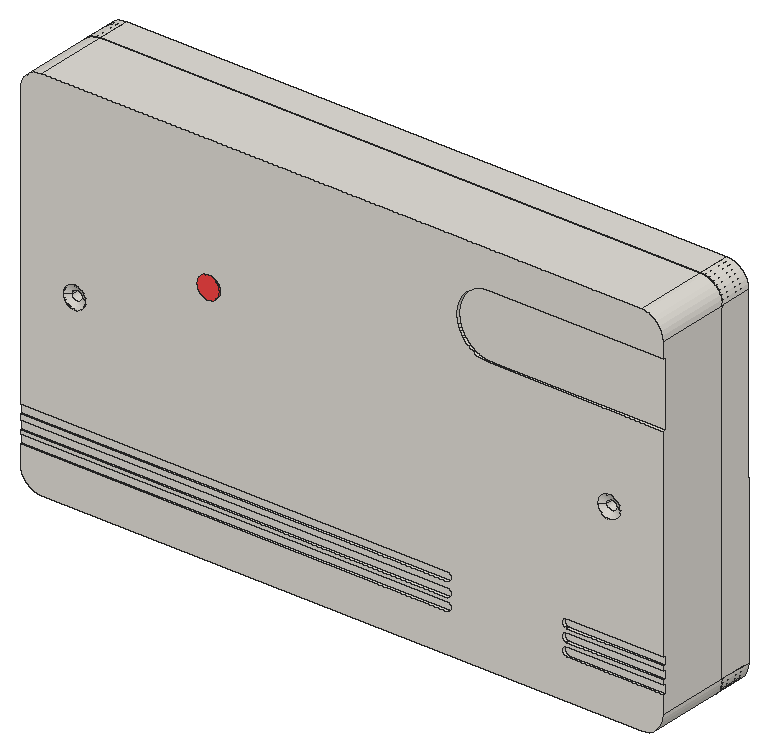
Revit family "TYCO-FPP-Zettler-TSM800 Door control module", category Electrical Fixtures, Revit 2014
Parameters (values of type "TYCO-FPP-Zettler-TSM800 Door control module")
  Width = 80 mm  # constant formula
  URL = "http://www.zettlerfire.com/Products/Fire/zettlerancillaries/ZettlerTSM800.asp"
  Type Comments = "The TSM800 is used to control fire doors in accordance\r\nwith BS7273 Part 4."
  STT = STT
  ST1 = ST1
  Rear Cover = yes
  PCB = PCB
  Model = "Zettler-555.800.069"
  Manufacturer = "Tyco"
  Loop Voltage = "24 V"
  Length = 60 mm  # constant formula
  Keynote = "It has a monitored analogue input and a relay contact (change-over switch) as a non-monitored output."
  Front Cover = yes
  Description = "TSM800 Door Control Module PCB"
  Approvals = "VdS EN 54-17 & EN 54-18 standards"
Reference planes
  plane 1 "Center (Front/Back)": y = 0
  plane 2: z = 0
  plane 3 "Center (Left/Right)": x = 0
  plane 4: x = -40
  plane 5: x = 40
  plane 6: z = 30
  plane 7: z = -30
Forms (mm)
  Extrusion 1, solid, material "PCB" <- "PCB", detail levels fine
    sketch origin (0, 0, 0) x (1, 0, 0) y (0, 0, 1)
      loop
        line (-40, 30) -> (-40, -30) -> (40, -30) -> (40, 30) -> (-40, 30)
      loop
        circle (-27.829, 16.145) r 2.797
      loop
        circle (27.829, 16.145) r 2.797
      loop
        circle (-27.829, -16.145) r 2.797
      loop
        circle (27.829, -16.145) r 2.797
      loop
        circle (36.531, 26.52) r 1.142
      loop
        circle (36.531, -26.52) r 1.142
      loop
        circle (-36.531, 16.52) r 1.142
      loop
        circle (-36.531, -26.52) r 1.142
    from 0 to -0.18
  Extrusion 2, solid, material "STT" <- "STT", detail levels fine
    sketch origin (-40, 45.493, 1219.2) x (0, 1, 0) y (0, 0, 1)
      loop
        line (-45.493, -1189.2) -> (-47.584, -1189.2) -> (-49.635, -1191.251) -> (-49.635, -1194.928) -> (-47.429, -1197.134) -> (-45.493, -1197.134) -> (-45.493, -1189.2)
    from 12.234 to 70.444
  Extrusion 3, solid, material "ST1" <- "ST1", detail levels fine
    sketch origin (-40, -1.532, 30) x (0, 1, 0) y (-1, 0, 0)
      loop
        line (1.532, -12.582) -> (-0.216, -12.582) -> (-0.216, -15.597) -> (1.532, -15.597) -> (1.532, -12.582)
      loop
        line (1.532, -16.495) -> (-0.216, -16.495) -> (-0.216, -19.51) -> (1.532, -19.51) -> (1.532, -16.495)
      loop
        line (1.532, -21.076) -> (-0.216, -21.076) -> (-0.216, -24.091) -> (1.532, -24.091) -> (1.532, -21.076)
      loop
        line (1.532, -24.989) -> (-0.216, -24.989) -> (-0.216, -28.004) -> (1.532, -28.004) -> (1.532, -24.989)
      loop
        line (1.532, -29.777) -> (-0.216, -29.777) -> (-0.216, -32.792) -> (1.532, -32.792) -> (1.532, -29.777)
      loop
        line (1.532, -33.69) -> (-0.216, -33.69) -> (-0.216, -36.705) -> (1.532, -36.705) -> (1.532, -33.69)
      loop
        line (1.532, -67.418) -> (1.532, -64.403) -> (-0.216, -64.403) -> (-0.216, -67.418) -> (1.532, -67.418)
      loop
        line (1.532, -63.505) -> (1.532, -60.49) -> (-0.216, -60.49) -> (-0.216, -63.505) -> (1.532, -63.505)
      loop
        line (1.532, -58.924) -> (1.532, -55.909) -> (-0.216, -55.909) -> (-0.216, -58.924) -> (1.532, -58.924)
      loop
        line (1.532, -55.011) -> (1.532, -51.996) -> (-0.216, -51.996) -> (-0.216, -55.011) -> (1.532, -55.011)
      loop
        line (1.532, -50.223) -> (1.532, -47.208) -> (-0.216, -47.208) -> (-0.216, -50.223) -> (1.532, -50.223)
      loop
        line (1.532, -46.31) -> (1.532, -43.295) -> (-0.216, -43.295) -> (-0.216, -46.31) -> (1.532, -46.31)
    from 0 to 0.592
  Extrusion 4, solid, material "ST1" <- "ST1", detail levels fine
    sketch origin (-40, -2.524, 22.655) x (0, -0.707107, 0.707107) y (-1, 0, 0)
      loop
        circle (0.73, -14.028) r 1.269
      loop
        circle (0.73, -17.884) r 1.269
      loop
        circle (0.73, -22.478) r 1.269
      loop
        circle (0.73, -26.334) r 1.269
      loop
        circle (0.73, -31.378) r 1.269
      loop
        circle (0.73, -35.233) r 1.269
      loop
        circle (0.73, -65.972) r 1.269
      loop
        circle (0.73, -62.116) r 1.269
      loop
        circle (0.73, -57.522) r 1.269
      loop
        circle (0.73, -53.666) r 1.269
      loop
        circle (0.73, -48.622) r 1.269
      loop
        circle (0.73, -44.767) r 1.269
    from 0 to 0.396
  Extrusion 5, solid, material "RS", detail levels fine
    sketch origin (0, 0, 0) x (1, 0, 0) y (0, 0, 1)
      loop
        line (30.589, 10.697) -> (30.589, -6.995) -> (38.589, -6.995) -> (38.589, 10.697) -> (30.589, 10.697)
    from 0 to 2.193
  Extrusion 6, solid, material "STT" <- "STT", detail levels fine
    sketch origin (0, 0, 0) x (1, 0, 0) y (0, 0, 1)
      loop
        circle (35.824, -11.308) r 2.633
    from 0 to 7.034
  Extrusion 7, solid, material "STT" <- "STT", detail levels fine
    sketch origin (0, 0, 0) x (1, 0, 0) y (0, 0, 1)
      loop
        line (22.292, -17.973) -> (22.292, -6.221) -> (19.515, -6.221) -> (19.515, -17.973) -> (22.292, -17.973)
      loop
        line (22.292, -4.512) -> (22.292, 7.24) -> (19.515, 7.24) -> (19.515, -4.512) -> (22.292, -4.512)
      loop
        line (13.425, -9.961) -> (10.327, -9.961) -> (10.327, -16.691) -> (13.425, -16.691) -> (13.425, -9.961)
      loop
        line (2.528, -6.221) -> (-5.591, -6.221) -> (-5.591, -13.059) -> (2.528, -13.059) -> (2.528, -6.221)
      loop
        line (-3.882, 7.24) -> (-3.882, 1.15) -> (6.118, 1.15) -> (6.118, 7.24) -> (-3.882, 7.24)
      loop
        line (-12.749, -15.089) -> (-12.749, -19.041) -> (-10.506, -19.041) -> (-10.506, -15.089) -> (-12.749, -15.089)
      loop
        line (-21.296, 14.398) -> (-21.296, 9.398) -> (-19.48, 9.398) -> (-19.48, 14.398) -> (-21.296, 14.398)
      loop
        line (-16.296, 14.398) -> (-16.296, 9.398) -> (-14.48, 9.398) -> (-14.48, 14.398) -> (-16.296, 14.398)
      loop
        line (-10.506, 3.673) -> (-12.749, 3.673) -> (-12.749, 1.15) -> (-10.506, 1.15) -> (-10.506, 3.673)
    from 0 to 0.202
Lines and regions (mm)
  model lines, detail levels coarse+medium
    curve 1: line (-40, 0, 30) -> (40, 0, 30)
    curve 2: line (-40, 0, -30) -> (-40, 0, 30)
    curve 3: line (40, 0, -30) -> (-40, 0, -30)
    curve 4: line (40, 0, 30) -> (40, 0, -30)
Dimensions and locks
  equal spacing: plane 4, plane 3 "Center (Left/Right)", plane 5
  "Width": plane 4 to plane 5
  equal spacing: plane 6, plane 2, plane 7
  "Length": plane 6 to plane 7
  aligned and locked: level to plane 2
  aligned and locked: Extrusion 1 sketch curve to plane 6
  aligned and locked: plane 4 to Extrusion 1 sketch curve
  aligned and locked: Extrusion 1 sketch curve to plane 7
  aligned and locked: plane 5 to Extrusion 1 sketch curve
  aligned and locked: Extrusion 3 to plane 6
  aligned and locked: Extrusion 7 to plane 1 "Center (Front/Back)"
  aligned and locked: curve 1 to plane 6
  aligned and locked: plane 5 to curve 4
  aligned and locked: curve 3 to plane 7
  aligned and locked: plane 4 to curve 2
  aligned and locked: plane 3 "Center (Left/Right)" to nested 1
  aligned and locked: plane 2 to nested 1
  aligned and locked: nested 1 to Extrusion 1
  aligned and locked: plane 3 "Center (Left/Right)" to nested 2
  aligned and locked: nested 2 to Extrusion 1
  aligned and locked: plane 2 to nested 2
Automatic sketch dimensions
  plane 4 to Extrusion 1 sketch curve = 3.469 mm  (x2)
  plane 4 to Extrusion 1 sketch curve = 12.171 mm  (x2)
  plane 5 to Extrusion 1 sketch curve = 12.171 mm  (x2)
  plane 5 to Extrusion 1 sketch curve = 3.469 mm  (x2)
  Extrusion 1 sketch curve to plane 7 = 3.48 mm  (x2)
  Extrusion 1 sketch curve to Extrusion 1 sketch curve = 10.376 mm  (x2)
  Extrusion 1 sketch curve to plane 6 = 13.855 mm  (x2)
  Extrusion 1 sketch curve to plane 6 = 3.48 mm
  Extrusion 1 sketch curve to plane 6 = 13.48 mm
  Extrusion 2 sketch curve to plane 6 = 0 mm
  Extrusion 2 sketch curve to plane 1 "Center (Front/Back)" = 0 mm
  Extrusion 2 sketch curve to Extrusion 2 sketch curve = 1.936 mm
  Extrusion 2 sketch curve to Extrusion 2 sketch curve = 2.09 mm
  Extrusion 2 sketch curve to Extrusion 2 sketch curve = 2.206 mm  (x2)
  Extrusion 2 sketch curve to plane 6 = 2.051 mm
  Extrusion 2 sketch curve to Extrusion 2 sketch curve = 3.677 mm
  Extrusion 2 to Extrusion 3 sketch curve = 0 mm  (x12)
  Extrusion 3 sketch curve to Extrusion 2 = 0.342 mm  (x12)
  Extrusion 2 to Extrusion 3 sketch curve = 3.026 mm
  Extrusion 3 sketch curve to Extrusion 3 sketch curve = 3.015 mm  (x11)
  Extrusion 3 sketch curve to Extrusion 3 sketch curve = 0.898 mm  (x6)
  Extrusion 3 sketch curve to Extrusion 3 sketch curve = 1.565 mm  (x2)
  Extrusion 3 sketch curve to Extrusion 3 sketch curve = 1.772 mm  (x2)
  Extrusion 3 sketch curve to Extrusion 3 sketch curve = 6.59 mm
  Extrusion 2 to Extrusion 3 sketch curve = 0.348 mm
  Extrusion 2 to Extrusion 4 sketch curve = 1.557 mm  (x12)
  Extrusion 2 to Extrusion 4 sketch curve = 4.472 mm
  Extrusion 4 sketch curve to Extrusion 4 sketch curve = 3.856 mm  (x5)
  Extrusion 4 sketch curve to Extrusion 4 sketch curve = 4.595 mm  (x2)
  Extrusion 4 sketch curve to Extrusion 4 sketch curve = 5.044 mm  (x2)
  Extrusion 4 sketch curve to Extrusion 4 sketch curve = 9.533 mm
  Extrusion 2 to Extrusion 4 sketch curve = 1.794 mm
  Extrusion 5 sketch curve to Extrusion 1 = 9.411 mm
  Extrusion 5 sketch curve to Extrusion 1 = 1.411 mm
  Extrusion 5 sketch curve to Extrusion 1 = 23.005 mm
  Extrusion 5 sketch curve to Extrusion 5 sketch curve = 17.691 mm
  Extrusion 6 sketch curve to Extrusion 1 = 4.176 mm
  Extrusion 6 sketch curve to Extrusion 1 = 18.692 mm
  plane 4 to Extrusion 7 sketch curve = 18.704 mm
  Extrusion 7 sketch curve to Extrusion 7 sketch curve = 1.816 mm  (x2)
  Extrusion 7 sketch curve to Extrusion 7 sketch curve = 3.184 mm
  Extrusion 7 sketch curve to plane 3 "Center (Left/Right)" = 12.749 mm
  level to Extrusion 7 sketch curve = 1.15 mm  (x2)
  Extrusion 7 sketch curve to Extrusion 7 sketch curve = 1.731 mm
  Extrusion 7 sketch curve to Extrusion 7 sketch curve = 2.244 mm  (x2)
  Extrusion 7 sketch curve to plane 3 "Center (Left/Right)" = 5.591 mm
  Extrusion 7 sketch curve to plane 3 "Center (Left/Right)" = 3.882 mm
  plane 3 "Center (Left/Right)" to Extrusion 7 sketch curve = 2.528 mm
  plane 3 "Center (Left/Right)" to Extrusion 7 sketch curve = 6.118 mm
  Extrusion 7 sketch curve to Extrusion 7 sketch curve = 7.799 mm
  Extrusion 7 sketch curve to Extrusion 7 sketch curve = 3.098 mm
  Extrusion 7 sketch curve to Extrusion 7 sketch curve = 13.397 mm
  Extrusion 7 sketch curve to Extrusion 7 sketch curve = 0 mm  (x4)
  Extrusion 7 sketch curve to Extrusion 7 sketch curve = 2.778 mm
  Extrusion 7 sketch curve to level = 4.512 mm
  Extrusion 7 sketch curve to level = 6.221 mm
  Extrusion 7 sketch curve to Extrusion 7 sketch curve = 1.709 mm
  Extrusion 7 sketch curve to Extrusion 7 sketch curve = 3.739 mm
  Extrusion 7 sketch curve to Extrusion 7 sketch curve = 6.837 mm
  Extrusion 7 sketch curve to Extrusion 7 sketch curve = 2.03 mm
  Extrusion 7 sketch curve to Extrusion 7 sketch curve = 6.731 mm
  Extrusion 7 sketch curve to Extrusion 7 sketch curve = 1.282 mm
  Extrusion 7 sketch curve to Extrusion 7 sketch curve = 3.953 mm
  Extrusion 7 sketch curve to Extrusion 7 sketch curve = 2.523 mm
  Extrusion 7 sketch curve to Extrusion 7 sketch curve = 6.09 mm
  level to Extrusion 7 sketch curve = 7.24 mm
  level to Extrusion 7 sketch curve = 9.398 mm
  Extrusion 7 sketch curve to Extrusion 7 sketch curve = 5 mm
  radius of Extrusion 1 sketch curve = 2.797 mm  (x4)
  radius of Extrusion 1 sketch curve = 1.142 mm  (x4)
  radius of Extrusion 4 sketch curve = 1.269 mm  (x12)
  radius of Extrusion 6 sketch curve = 2.633 mm
Nested families
  nested 1: "517.035.007" at (0, 0, 0), visible <- "Front Cover", type "517.035.007 cover"
    with Front Cover yes
  nested 2: "517.035.010 rear cover" at (0, -6.185, -7.5), visible <- "Rear Cover", type "517.035.010 back box"
    with Rear cover yes
Connectors
  electrical at (0, 0.18, 0)
    settings: on Extrusion 1, index 1, voltage 24 V, apparent load 0 VA, apparent load phase1 0 VA, apparent load phase2 0 VA, apparent load phase3 0 VA, power factor 1, load classification "Other", number of poles 1, system type 31, power factor state 1, is connector primary yes, connector utility no, sub classification motor no, connector description ""
Definition of nested family "517.035.007"
  Parameters (values of type "517.035.007 cover")
    X = 2 mm
    W = 148 mm
    Type Comments = "M520 Ancillary cover for use with 800 series modules.\r\nWill fit onto a MK style double gang back box."
    Model = "517.035.007"
    Material = Cover
    Manufacturer = "Tyco"
    L = 87 mm
    Front Cover [instance] = yes
    Description = "M520 Ancillary Cover"
    D = 23 mm
  Reference planes
    plane 1 "Center (Front/Back)": y = 0
    plane 2: z = 0
    plane 3 "Center (Left/Right)": x = 0
    plane 4: x = -74
    plane 5: x = 74
    plane 6: x = 61.5
    plane 7: z = 43.5
    plane 8: z = -43.5
    plane 9: y = -23
  Forms (mm)
    Extrusion 1, solid, material "Cover" <- "Material", visible <- "Front Cover", detail levels fine
      sketch origin (0, -23.027, 0) x (1, 0, 0) y (0, 0, 1)
        loop
          arc (-69, 43.5) -> (-72.536, 42.036) -> (-74, 38.5) r 5
          line (-74, 38.5) -> (-74, -38.5)
          arc (-74, -38.5) -> (-72.536, -42.036) -> (-69, -43.5) r 5
          line (-69, -43.5) -> (69, -43.5)
          arc (69, -43.5) -> (72.536, -42.036) -> (74, -38.5) r 5
          line (74, -38.5) -> (74, 38.5)
          arc (74, 38.5) -> (72.536, 42.036) -> (69, 43.5) r 5
          line (69, 43.5) -> (-69, 43.5)
      from -23 to 0
    Extrusion 2, void
      sketch origin (0, -23.027, 0) x (-1, 0, 0) y (0, 0, 1)
        loop
          line (74, -26.396) -> (-24.324, -26.396)
          arc (-24.324, -26.396) -> (-25.324, -27.396) -> (-24.324, -28.396) r 1
          line (-24.324, -28.396) -> (74, -28.396) -> (74, -26.396)
        loop
          line (74, -29.671) -> (-24.324, -29.671)
          arc (-24.324, -29.671) -> (-25.324, -30.671) -> (-24.324, -31.671) r 1
          line (-24.324, -31.671) -> (74, -31.671) -> (74, -29.671)
        loop
          line (74, -32.583) -> (-24.324, -32.583)
          arc (-24.324, -32.583) -> (-25.324, -33.583) -> (-24.324, -34.583) r 1
          line (-24.324, -34.583) -> (74, -34.583) -> (74, -32.583)
        loop
          line (-51.834, -26.396) -> (-74, -26.396) -> (-74, -28.396) -> (-51.834, -28.396)
          arc (-51.834, -28.396) -> (-50.834, -27.396) -> (-51.834, -26.396) r 1
        loop
          line (-51.834, -29.305) -> (-74, -29.305) -> (-74, -31.305) -> (-51.834, -31.305)
          arc (-51.834, -31.305) -> (-50.834, -30.305) -> (-51.834, -29.305) r 1
        loop
          line (-51.834, -32.254) -> (-74, -32.254) -> (-74, -34.254) -> (-51.834, -34.254)
          arc (-51.834, -34.254) -> (-50.834, -33.254) -> (-51.834, -32.254) r 1
        loop
          line (-74, 34.995) -> (-74, 19.995) -> (-34, 19.995)
          arc (-34, 19.995) -> (-26.5, 27.495) -> (-34, 34.995) r 7.5
          line (-34, 34.995) -> (-74, 34.995)
      from 0 to 0.563
    Revolve 3, void
      sketch origin (0, -23.027, 0) x (0, -1, 0) y (1, 0, 0)
        loop
          line (-3.575, 61.5) -> (0, 61.5) -> (0, 64.045) -> (-0.836, 62.678) -> (-3.575, 62.678) -> (-3.575, 61.5)
        axis (-3.575, 61.5) -> (0, 61.5)
      angle from 0 to 360
    Extrusion 4, solid, material "LED RED", detail levels fine
      sketch origin (0, -23.027, 0) x (1, 0, 0) y (0, 0, 1)
        loop
          circle (-30.624, 12.978) r 2.558
      from -1.293 to 0.174
    Extrusion 5, void
      sketch origin (-94.576, -0.027, -4572) x (1, 0, 0) y (0, 0, -1)
        loop
          line (26.703, -4612.567) -> (162.316, -4612.567)
          arc (162.316, -4612.567) -> (164.664, -4611.594) -> (165.637, -4609.246) r 3.321
          line (165.637, -4609.246) -> (165.637, -4534.612)
          arc (165.637, -4534.612) -> (164.589, -4532.082) -> (162.058, -4531.033) r 3.578
          line (162.058, -4531.033) -> (27.05, -4531.033)
          arc (27.05, -4531.033) -> (24.499, -4532.09) -> (23.442, -4534.641) r 3.608
          line (23.442, -4534.641) -> (23.442, -4609.306)
          arc (23.442, -4609.306) -> (24.397, -4611.612) -> (26.703, -4612.567) r 3.261
      from 0 to -19.425
    Revolve 6, void
      sketch origin (0, -23.027, 0) x (0, 1, 0) y (-1, 0, 0)
        loop
          line (3.575, 61.5) -> (3.575, 62.678) -> (0.836, 62.678) -> (0, 64.045) -> (0, 61.5) -> (3.575, 61.5)
        axis (3.575, 61.5) -> (0, 61.5)
      angle from 0 to 360
  Cuts and joins
    Extrusion 2, Revolve 3, Extrusion 5, Revolve 6 cuts Extrusion 1
  Dimensions and locks
    equal spacing: plane 4, plane 3 "Center (Left/Right)", plane 5
    "W": plane 4 to plane 5
    locked: plane 5 to plane 6 at 12.5
    equal spacing: plane 7, level, plane 8
    "L": plane 7 to plane 8
    "D": plane 9 to plane 1 "Center (Front/Back)"
    aligned and locked: plane 2 to level
    aligned and locked: Extrusion 1 to Extrusion 5
    aligned and locked: Extrusion 1 sketch curve to plane 7
    aligned and locked: plane 4 to Extrusion 1 sketch curve
    aligned and locked: Extrusion 1 sketch curve to plane 8
    aligned and locked: Extrusion 1 to Extrusion 2
  Automatic sketch dimensions
    plane 5 to Extrusion 1 sketch curve = 0 mm
    plane 4 to Extrusion 1 sketch curve = 5 mm  (x2)
    plane 5 to Extrusion 1 sketch curve = 5 mm
    Extrusion 1 sketch curve to Extrusion 1 sketch curve = 5 mm
    plane 5 to Extrusion 2 sketch curve = 0 mm  (x4)
    Extrusion 2 sketch curve to plane 4 = 0 mm  (x3)
    Extrusion 2 sketch curve to plane 6 = 9.666 mm
    Extrusion 2 sketch curve to Extrusion 2 sketch curve = 0 mm  (x4)
    Extrusion 2 sketch curve to plane 6 = 27.5 mm
    Extrusion 2 sketch curve to plane 8 = 9.917 mm
    plane 3 "Center (Left/Right)" to Extrusion 2 sketch curve = 24.324 mm
    Extrusion 2 sketch curve to plane 8 = 9.246 mm
    Extrusion 2 sketch curve to plane 8 = 8.917 mm
    Extrusion 2 sketch curve to Extrusion 2 sketch curve = 1 mm  (x5)
    Extrusion 2 sketch curve to Extrusion 2 sketch curve = 0.912 mm
    Extrusion 2 sketch curve to Extrusion 2 sketch curve = 0.95 mm
    Extrusion 2 sketch curve to Extrusion 2 sketch curve = 0.908 mm
    Extrusion 2 sketch curve to Extrusion 2 sketch curve = 1.275 mm
    level to Extrusion 2 sketch curve = 19.995 mm
    Extrusion 2 sketch curve to Extrusion 2 sketch curve = 7.5 mm
    Revolve 3 sketch curve to plane 6 = 0 mm  (x2)
    plane 1 "Center (Front/Back)" to Revolve 3 sketch curve = 19.452 mm
    plane 6 to Revolve 3 sketch curve = 1.178 mm
    Revolve 3 sketch curve to Revolve 3 sketch curve = 2.739 mm
    plane 6 to Revolve 3 sketch curve = 2.545 mm
    Revolve 3 sketch curve to Revolve 3 sketch curve = 0.836 mm
    Revolve 3 sketch curve to Revolve 3 sketch curve = 0.558 mm
    Revolve 3 sketch curve to Revolve 3 sketch curve = 1.62 mm
    Extrusion 4 sketch curve to Extrusion 1 = 43.376 mm
    Extrusion 4 sketch curve to Extrusion 1 = 30.522 mm
    plane 4 to Extrusion 5 sketch curve = 2.867 mm
    Extrusion 5 sketch curve to plane 7 = 2.933 mm
    Extrusion 5 sketch curve to Extrusion 5 sketch curve = 3.261 mm
    Extrusion 5 sketch curve to plane 8 = 2.533 mm
    Extrusion 5 sketch curve to Extrusion 5 sketch curve = 3.608 mm
    plane 6 to Extrusion 5 sketch curve = 5.983 mm
    plane 6 to Extrusion 5 sketch curve = 6.24 mm
    plane 5 to Extrusion 5 sketch curve = 2.939 mm
    plane 1 "Center (Front/Back)" to Revolve 6 sketch curve = 23.027 mm
    Revolve 6 sketch curve to Revolve 6 sketch curve = 0.836 mm
    Revolve 6 sketch curve to Revolve 6 sketch curve = 2.739 mm
    plane 4 to Revolve 6 sketch curve = 12.5 mm
    Revolve 6 sketch curve to Revolve 6 sketch curve = 1.178 mm
    Revolve 6 sketch curve to Revolve 6 sketch curve = 1.367 mm
    Revolve 6 sketch curve to Revolve 6 sketch curve = 1.62 mm
    Revolve 6 sketch curve to Revolve 6 sketch curve = 0.558 mm
    Revolve 6 sketch curve to Revolve 6 sketch curve = 0 mm
    radius of Extrusion 4 sketch curve = 2.558 mm
Definition of nested family "517.035.010 rear cover"
  Parameters (values of type "517.035.010 back box")
    W = 148 mm
    URL = "http://tfppemea.com/en/_layouts/fsassets/Docs/Detection_FireClass/UK%20FireClass%20CATALOGUE%20(LR).pdf"
    Type Comments = "K2142 White plastic surface mount MK backbox for use\r\nwith 800 Series addressable ancillaries using 517.035.007\r\ncover."
    Rear cover [instance] = yes
    Model = "517.035.010\r\n517.035.010"
    Manufacturer = "Tyco"
    L = 87 mm
    Finish = rear cover
    Description = "K2142 White Plastic Surface Mount MK\r\nbackbox"
  Reference planes
    plane 1 "Center (Front/Back)": y = 0
    plane 2: z = 0
    plane 3 "Center (Left/Right)": x = 0
    plane 4: x = -74
    plane 5: x = 74
    plane 6: z = 7.5
  Forms (mm)
    Extrusion 1, solid, material "rear cover" <- "Finish", visible <- "Rear cover", detail levels fine
      sketch origin (0, 7.5, 7.5) x (1, 0, 0) y (0, 0, 1)
        loop
          arc (-69, 43.5) -> (-72.536, 42.036) -> (-74, 38.5) r 5
          line (-74, 38.5) -> (-74, -38.5)
          arc (-74, -38.5) -> (-72.536, -42.036) -> (-69, -43.5) r 5
          line (-69, -43.5) -> (69, -43.5)
          arc (69, -43.5) -> (72.536, -42.036) -> (74, -38.5) r 5
          line (74, -38.5) -> (74, 38.5)
          arc (74, 38.5) -> (72.536, 42.036) -> (69, 43.5) r 5
          line (69, 43.5) -> (-69, 43.5)
      from 0 to 7.5
    Extrusion 2, void
      sketch origin (0, 0, 0) x (-1, 0, 0) y (0, 0, 1)
        loop
          line (71.151, 48.985) -> (-71.802, 48.985) -> (-71.802, -33.613) -> (71.151, -33.613) -> (71.151, 48.985)
        loop
          circle (-61, 7.5) r 1.229
        loop
          circle (-61, 7.5) r 2.2
        loop
          circle (61, 7.5) r 1.229
        loop
          circle (61, 7.5) r 2.2
      from 0 to 6.364
  Cuts and joins
    Extrusion 2 cuts Extrusion 1
  Dimensions and locks
    equal spacing: plane 4, plane 3 "Center (Left/Right)", plane 5
    "W": plane 4 to plane 5
    plane 6 to plane 2 = 7.5 mm
    aligned and locked: plane 2 to level
    aligned and locked: Extrusion 1 sketch curve to plane 4
    aligned and locked: Extrusion 1 sketch curve to plane 5
  Automatic sketch dimensions
    Extrusion 1 sketch curve to plane 4 = 5 mm
    Extrusion 1 sketch curve to Extrusion 1 sketch curve = 5 mm
    Extrusion 1 sketch curve to plane 5 = 5 mm  (x2)
    Extrusion 1 sketch curve to level = 36 mm
    plane 6 to Extrusion 1 sketch curve = 38.5 mm
    Extrusion 2 sketch curve to Extrusion 2 sketch curve = 0 mm  (x4)
    Extrusion 2 sketch curve to plane 6 = 0 mm  (x2)
    Extrusion 2 sketch curve to plane 5 = 2.198 mm
    Extrusion 2 sketch curve to plane 5 = 13 mm
    Extrusion 2 sketch curve to plane 4 = 13 mm
    Extrusion 2 sketch curve to plane 4 = 2.849 mm
    Extrusion 2 sketch curve to level = 33.613 mm
    plane 6 to Extrusion 2 sketch curve = 41.485 mm
    radius of Extrusion 2 sketch curve = 1.229 mm  (x2)
    radius of Extrusion 2 sketch curve = 2.2 mm  (x2)
